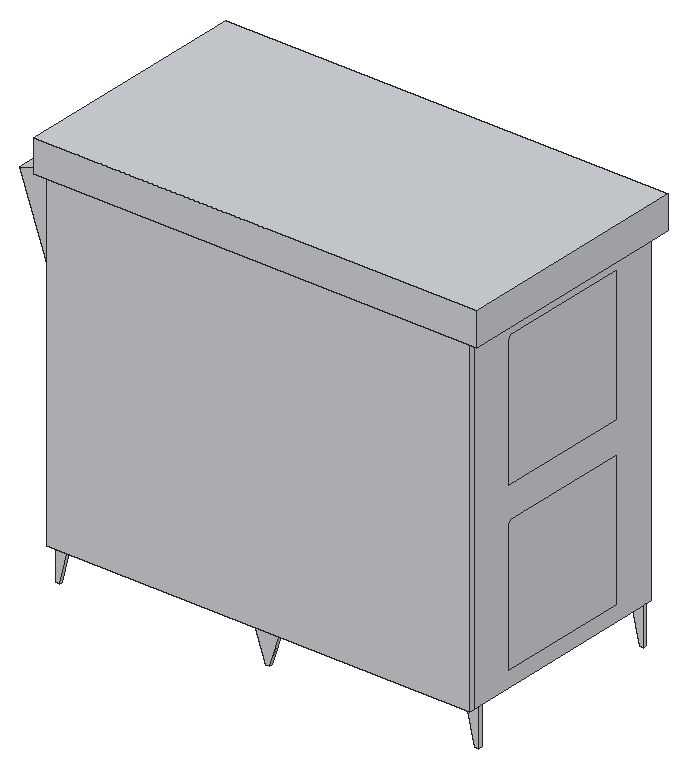
Revit family "AHU 5 _5", category Mechanické zařízení, Revit 2018
Family settings
  Kóta kulaté spojky = Použít průměr
  Typ dílu = Normální
  Číslo OmniClass = 23.75.00.00
  Nadpis OmniClass = Climate Control (HVAC)
  Založené na pracovní rovině = Ne
  Vždy vertikální = Ano
  Ořezat dutým tvarem při načtení = Ne
  Sdílené = Ne
  Bod výpočtu místnosti = Ne
Parameters (values of type "DUPLEXVENT 5000 Rotary-N")
  Width [instance] = 1.2 mm
  Weight [instance] = 590.00 kg
  URL = ""
  Type [instance] = "DUPLEXVENT 5000 Rotary-N"
  Total_SFP [instance] = 0
  Supply_outlet_hum [instance] = 90
  Supply_inlet_hum [instance] = 90
  Supply_ext_pressure [instance] = 0.0 Pa
  Supply_SFP [instance] = 0
  Source_adu_file [instance] = ""
  Recuperation_type [instance] = "Rotation regeneration exchanger"
  Recuperation_efficiency_EN308 [instance] = 0
  Project_name [instance] = ""
  Project_date [instance] = "10.8.2023"
  Power_supply_fusing [instance] = "0"
  Power_supply_cable [instance] = "0"
  Position [instance] = "AHU 5 "
  Phases_count [instance] = 3
  Panel_thickness [instance] = 0.06 mm
  Outer_surface [instance] = "RAL 9002"
  Length [instance] = 2.25 mm
  Insulation_type [instance] = "PUR"
  Insulation_thickness [instance] = 0.05 mm
  Installation_environment [instance] = ""
  Input_power_max [instance] = 5000 W
  Inner_surface [instance] = "Pozink"
  I2 [instance] = I1  # 0.0 L/s
  Height [instance] = 1.76 mm
  Exhaust_outlet_hum [instance] = 40
  Exhaust_inlet_hum [instance] = 40
  Exhaust_ext_pressure [instance] = 0.0 Pa
  Exhaust_SFP [instance] = 0
  E1 [instance] = E2 - M1  # 0.0 L/s
  E2 [instance] = 0.0 L/s
  I1 [instance] = 0.0 L/s
  Description = ""
  M1 [instance] = 0.0 L/s
  Device_dutypoint_version [instance] = "0"
  Device_design_version [instance] = "9"
  Device_adu_id [instance] = "5"
  Current_max [instance] = 7.6 A
  Casing_mat [instance] = "painted zinc layer"
  Cable type [instance] = "CYKY 5Jx2,5"
Reference planes
  plane 1 "Střed (vpředu/vzadu)": y = 0
  plane 2 "ref": z = 0
  plane 3 "Střed (vlevo/vpravo)": x = 0
Forms (mm)
  Sweep 1, solid
    path origin (0, 0, 0) x (0, 0, 1) y (1, 0, 0)
      loop
        line (0, 0) -> (1760, 0)
    profile origin (0, 0, 0) x (1, 0, 0) y (0, 1, 0)
      loop
        line (0, 0) -> (810, 0) -> (810, 1170) -> (0, 1170) -> (0, 0)
  Sweep 2, solid
    path origin (0, 0, 0) x (0, 0, 1) y (1, 0, 0)
      loop
        line (0, 0) -> (1760, 0)
    profile origin (0, 0, 0) x (1, 0, 0) y (0, 1, 0)
      loop
        line (810, 0) -> (1140, 0) -> (1140, 1170) -> (810, 1170) -> (810, 0)
  Sweep 3, solid
    path origin (0, 0, 0) x (0, 0, 1) y (1, 0, 0)
      loop
        line (0, 0) -> (1760, 0)
    profile origin (0, 0, 0) x (1, 0, 0) y (0, 1, 0)
      loop
        line (1140, 0) -> (2250, 0) -> (2250, 1170) -> (1140, 1170) -> (1140, 0)
  Sweep 4, solid
    path origin (0, 0, 1760) x (0, 0, 1) y (1, 0, 0)
      loop
        line (0, 0) -> (175, 0)
    profile origin (0, 0, 1760) x (1, 0, 0) y (0, 1, 0)
      loop
        line (-50, -50) -> (2300, -50) -> (2300, 1220) -> (-50, 1220) -> (-50, -50)
  Sweep 5, solid
    path origin (-175, 940, 1320) x (1, 0, 0) y (0, 1, 0)
      loop
        line (0, 0) -> (0, -710)
    profile origin (-175, 940, 1320) x (1, 0, 0) y (0, 0, 1)
      loop
        line (174, 355) -> (-175, 248) -> (35, -355) -> (175, -355) -> (174, 355)
  Sweep 6, solid
    path origin (0, 585, 1320) x (0, 1, 0) y (-1, 0, 0)
      loop
        line (0, 0) -> (0, 1)
    profile origin (0, 585, 1320) x (0, -1, 0) y (0, 0, 1)
      loop
        line (-355, -355) -> (355, -355) -> (355, 355) -> (-355, 355) -> (-355, -355)
  Sweep 7, solid
    path origin (2249, 585, 1320) x (1, 0, 0) y (0, 1, 0)
      loop
        line (0, 0) -> (1, 0)
    profile origin (2249, 585, 1320) x (0, 1, 0) y (0, 0, 1)
      loop
        line (-355, 355) -> (-355, -355) -> (355, -355) -> (355, 355) -> (-355, 355)
  Sweep 8, solid
    path origin (2249, 585, 440) x (1, 0, 0) y (0, 1, 0)
      loop
        line (0, 0) -> (1, 0)
    profile origin (2249, 585, 440) x (0, 1, 0) y (0, 0, 1)
      loop
        line (-355, 355) -> (-355, -355) -> (355, -355) -> (355, 355) -> (-355, 355)
  Sweep 9, solid
    path origin (1, 585, 440) x (0, 1, 0) y (-1, 0, 0)
      loop
        line (0, 0) -> (0, 1)
    profile origin (1, 585, 440) x (0, -1, 0) y (0, 0, 1)
      loop
        line (-355, -355) -> (355, -355) -> (355, 355) -> (-355, 355) -> (-355, -355)
  Sweep 10, solid
    path origin (0, 0, 0) x (0, 0, 1) y (1, 0, 0)
      loop
        line (0, 0) -> (1760, 0)
    profile origin (0, 0, 0) x (1, 0, 0) y (0, 1, 0)
      loop
        line (0, -30) -> (2250, -30) -> (2250, -5) -> (0, -5) -> (0, -30)
  Sweep 11, solid
    path origin (11, 45, 0) x (1, 0, 0) y (0, 1, 0)
      loop
        line (0, 0) -> (0, -15)
    profile origin (11, 45, 0) x (1, 0, 0) y (0, 0, 1)
      loop
        line (-11, 0) -> (-11, -200) -> (11, -200) -> (60, 0) -> (-11, 0)
  Sweep 12, solid
    path origin (1125, 45, 0) x (1, 0, 0) y (0, 1, 0)
      loop
        line (0, 0) -> (0, -15)
    profile origin (1125, 45, 0) x (1, 0, 0) y (0, 0, 1)
      loop
        line (-75, 0) -> (-11, -200) -> (11, -200) -> (75, 0) -> (-75, 0)
  Sweep 13, solid
    path origin (2239, 45, 0) x (1, 0, 0) y (0, 1, 0)
      loop
        line (0, 0) -> (0, -15)
    profile origin (2239, 45, 0) x (1, 0, 0) y (0, 0, 1)
      loop
        line (-60, 0) -> (-11, -200) -> (11, -200) -> (11, 0) -> (-60, 0)
  Sweep 14, solid
    path origin (11, 1140, 0) x (1, 0, 0) y (0, 1, 0)
      loop
        line (0, 0) -> (0, -15)
    profile origin (11, 1140, 0) x (1, 0, 0) y (0, 0, 1)
      loop
        line (-11, 0) -> (-11, -200) -> (11, -200) -> (60, 0) -> (-11, 0)
  Sweep 15, solid
    path origin (1125, 1140, 0) x (1, 0, 0) y (0, 1, 0)
      loop
        line (0, 0) -> (0, -15)
    profile origin (1125, 1140, 0) x (1, 0, 0) y (0, 0, 1)
      loop
        line (-75, 0) -> (-11, -200) -> (11, -200) -> (75, 0) -> (-75, 0)
  Sweep 16, solid
    path origin (2239, 1140, 0) x (1, 0, 0) y (0, 1, 0)
      loop
        line (0, 0) -> (0, -15)
    profile origin (2239, 1140, 0) x (1, 0, 0) y (0, 0, 1)
      loop
        line (-60, 0) -> (-11, -200) -> (11, -200) -> (11, 0) -> (-60, 0)
  Sweep 17, solid
    path origin (0, 0, 1120) x (0, 0, 1) y (1, 0, 0)
      loop
        line (0, 0) -> (405, 0)
    profile origin (0, 0, 1120) x (1, 0, 0) y (0, 1, 0)
      loop
        line (880, 1270) -> (880, 1170) -> (1185, 1170) -> (1185, 1270) -> (880, 1270)
  Sweep 18, solid
    path origin (1032, 1220, 1525) x (0, -1, 0) y (0, 0, 1)
      loop
        line (0, 0) -> (0, 1)
    profile origin (1032, 1220, 1525) x (0, 1, 0) y (-1, 0, 0)
      loop
        circle (0, 0) r 10
Lines and regions (mm)
  model lines, style "Symbol"
    curve 1: line (1290, 1170, 1315) -> (1290, 1170, 1715)
    curve 2: line (1290, 1170, 1715) -> (1290, 1300, 1685)
    curve 3: line (1290, 1300, 1685) -> (1290, 1300, 1315)
    curve 4: line (1290, 1300, 1315) -> (1290, 1170, 1315)
    curve 5: line (740, 1170, 1315) -> (740, 1170, 1715)
    curve 6: line (740, 1170, 1715) -> (740, 1300, 1685)
    curve 7: line (740, 1300, 1685) -> (740, 1300, 1315)
    curve 8: line (740, 1300, 1315) -> (740, 1170, 1315)
    curve 9: line (1290, 1170, 1715) -> (740, 1170, 1715)
    curve 10: line (740, 1170, 1715) -> (740, 1300, 1685)
    curve 11: line (740, 1300, 1685) -> (1290, 1300, 1685)
    curve 12: line (1290, 1300, 1685) -> (1290, 1170, 1715)
    curve 13: line (1290, 1300, 1315) -> (1290, 1300, 1685)
    curve 14: line (1290, 1300, 1685) -> (740, 1300, 1685)
    curve 15: line (740, 1300, 1685) -> (740, 1300, 1315)
    curve 16: line (740, 1300, 1315) -> (1290, 1300, 1315)
    curve 17: line (975, -30, 0) -> (975, -30, 352)
    curve 18: line (975, -30, 1760) -> (975, -30, 1408)
    curve 19: line (810, -30, 880) -> (1140, -30, 880)
    curve 20: line (0, -30, 880) -> (810, -30, 880)
    curve 21: line (2250, -30, 880) -> (1140, -30, 880)
    curve 22: line (843, -30, 88) -> (843, -30, 1672)
    curve 23: line (843, -30, 1672) -> (1107, -30, 1672)
    curve 24: line (1107, -30, 1672) -> (1107, -30, 88)
    curve 25: line (1107, -30, 88) -> (843, -30, 88)
    curve 26: line (843, -30, 880) -> (1107, -30, 880)
    curve 27: line (1077, -30, 716) -> (1066, -30, 563)
    curve 28: line (1066, -30, 563) -> (1050, -30, 432)
    curve 29: line (1050, -30, 432) -> (1028, -30, 331)
    curve 30: line (1028, -30, 331) -> (1002, -30, 268)
    curve 31: line (1002, -30, 268) -> (975, -30, 246)
    curve 32: line (975, -30, 246) -> (948, -30, 268)
    curve 33: line (948, -30, 268) -> (922, -30, 331)
    curve 34: line (922, -30, 331) -> (900, -30, 432)
    curve 35: line (900, -30, 432) -> (884, -30, 563)
    curve 36: line (884, -30, 563) -> (873, -30, 716)
    curve 37: line (873, -30, 716) -> (869, -30, 880)
    curve 38: line (869, -30, 880) -> (873, -30, 1044)
    curve 39: line (873, -30, 1044) -> (884, -30, 1197)
    curve 40: line (884, -30, 1197) -> (900, -30, 1328)
    curve 41: line (900, -30, 1328) -> (922, -30, 1429)
    curve 42: line (922, -30, 1429) -> (948, -30, 1492)
    curve 43: line (948, -30, 1492) -> (975, -30, 1514)
    curve 44: line (975, -30, 1514) -> (1002, -30, 1492)
    curve 45: line (1002, -30, 1492) -> (1028, -30, 1429)
    curve 46: line (1028, -30, 1429) -> (1050, -30, 1328)
    curve 47: line (1050, -30, 1328) -> (1066, -30, 1197)
    curve 48: line (1066, -30, 1197) -> (1077, -30, 1044)
    curve 49: line (1077, -30, 1044) -> (1040, -30, 1218)
    curve 50: line (1077, -30, 1044) -> (1082, -30, 1234)
    curve 51: line (1863, -30, 1445) -> (2144, -30, 1397)
    curve 52: line (1863, -30, 1195) -> (2144, -30, 1243)
    curve 53: line (387, -30, 315) -> (106, -30, 363)
    curve 54: line (387, -30, 565) -> (106, -30, 517)
    curve 55: line (270, -30, 1056) -> (270, -30, 1584)
    curve 56: line (270, -30, 1584) -> (405, -30, 1584)
    curve 57: line (405, -30, 1584) -> (405, -30, 1056)
    curve 58: line (405, -30, 1056) -> (270, -30, 1056)
    curve 59: line (338, -30, 1056) -> (405, -30, 1320)
    curve 60: line (338, -30, 1584) -> (405, -30, 1320)
    curve 61: line (1980, -30, 704) -> (1980, -30, 176)
    curve 62: line (1980, -30, 176) -> (1845, -30, 176)
    curve 63: line (1845, -30, 176) -> (1845, -30, 704)
    curve 64: line (1845, -30, 704) -> (1980, -30, 704)
    curve 65: line (1913, -30, 704) -> (1845, -30, 440)
    curve 66: line (1913, -30, 176) -> (1845, -30, 440)
    curve 67: line (0, -1200, 0) -> (0, 0, 0)
    curve 68: line (2250, -1200, 0) -> (2250, 0, 0)
    curve 69: line (0, -1200, 0) -> (2250, -1200, 0)
    curve 70: line (0, -1200, 1760) -> (0, 0, 1760)
    curve 71: line (2250, -1200, 1760) -> (2250, 0, 1760)
    curve 72: line (0, -1200, 1760) -> (2250, -1200, 1760)
    curve 73: line (0, -1200, 0) -> (0, -1200, 1760)
    curve 74: line (2250, -1200, 0) -> (2250, -1200, 1760)
    curve 75: line (0, -1200, 1560) -> (200, -1200, 1760)
    curve 76: line (0, -1200, 1360) -> (400, -1200, 1760)
    curve 77: line (0, -1200, 1160) -> (600, -1200, 1760)
    curve 78: line (0, -1200, 960) -> (800, -1200, 1760)
    curve 79: line (0, -1200, 760) -> (1000, -1200, 1760)
    curve 80: line (0, -1200, 560) -> (1200, -1200, 1760)
    curve 81: line (0, -1200, 360) -> (1400, -1200, 1760)
    curve 82: line (0, -1200, 160) -> (1600, -1200, 1760)
    curve 83: line (40, -1200, 0) -> (1800, -1200, 1760)
    curve 84: line (240, -1200, 0) -> (2000, -1200, 1760)
    curve 85: line (440, -1200, 0) -> (2200, -1200, 1760)
    curve 86: line (640, -1200, 0) -> (2250, -1200, 1610)
    curve 87: line (840, -1200, 0) -> (2250, -1200, 1410)
    curve 88: line (1040, -1200, 0) -> (2250, -1200, 1210)
    curve 89: line (1240, -1200, 0) -> (2250, -1200, 1010)
    curve 90: line (1440, -1200, 0) -> (2250, -1200, 810)
    curve 91: line (1640, -1200, 0) -> (2250, -1200, 610)
    curve 92: line (1840, -1200, 0) -> (2250, -1200, 410)
    curve 93: line (2040, -1200, 0) -> (2250, -1200, 210)
    curve 94: line (2240, -1200, 0) -> (2250, -1200, 10)
    curve 95: line (2250, -1200, 1560) -> (2250, -1000, 1760)
    curve 96: line (2250, -1200, 1360) -> (2250, -800, 1760)
    curve 97: line (2250, -1200, 1160) -> (2250, -600, 1760)
    curve 98: line (2250, -1200, 960) -> (2250, -400, 1760)
    curve 99: line (2250, -1200, 760) -> (2250, -200, 1760)
    curve 100: line (2250, -1200, 560) -> (2250, 0, 1760)
    curve 101: line (2250, -1200, 360) -> (2250, 0, 1560)
    curve 102: line (2250, -1200, 160) -> (2250, 0, 1360)
    curve 103: line (2250, -1160, 0) -> (2250, 0, 1160)
    curve 104: line (2250, -960, 0) -> (2250, 0, 960)
    curve 105: line (2250, -760, 0) -> (2250, 0, 760)
    curve 106: line (2250, -560, 0) -> (2250, 0, 560)
    curve 107: line (2250, -360, 0) -> (2250, 0, 360)
    curve 108: line (2250, -160, 0) -> (2250, 0, 160)
    curve 109: line (0, -1000, 1760) -> (200, -1200, 1760)
    curve 110: line (0, -800, 1760) -> (400, -1200, 1760)
    curve 111: line (0, -600, 1760) -> (600, -1200, 1760)
    curve 112: line (0, -400, 1760) -> (800, -1200, 1760)
    curve 113: line (0, -200, 1760) -> (1000, -1200, 1760)
    curve 114: line (0, 0, 1760) -> (1200, -1200, 1760)
    curve 115: line (200, 0, 1760) -> (1400, -1200, 1760)
    curve 116: line (400, 0, 1760) -> (1600, -1200, 1760)
    curve 117: line (600, 0, 1760) -> (1800, -1200, 1760)
    curve 118: line (800, 0, 1760) -> (2000, -1200, 1760)
    curve 119: line (1000, 0, 1760) -> (2200, -1200, 1760)
    curve 120: line (1200, 0, 1760) -> (2250, -1050, 1760)
    curve 121: line (1400, 0, 1760) -> (2250, -850, 1760)
    curve 122: line (1600, 0, 1760) -> (2250, -650, 1760)
    curve 123: line (1800, 0, 1760) -> (2250, -450, 1760)
    curve 124: line (2000, 0, 1760) -> (2250, -250, 1760)
    curve 125: line (2200, 0, 1760) -> (2250, -50, 1760)
    curve 126: line (2250, 1910, 0) -> (2250, 1170, 0)
    curve 127: line (0, 1910, 0) -> (0, 1170, 0)
    curve 128: line (2250, 1910, 0) -> (0, 1910, 0)
    curve 129: line (2250, 1910, 1760) -> (2250, 1170, 1760)
    curve 130: line (0, 1910, 1760) -> (0, 1170, 1760)
    curve 131: line (2250, 1910, 1760) -> (0, 1910, 1760)
    curve 132: line (2250, 1910, 0) -> (2250, 1910, 1760)
    curve 133: line (0, 1910, 0) -> (0, 1910, 1760)
    curve 134: line (2250, 1910, 1560) -> (2050, 1910, 1760)
    curve 135: line (2250, 1910, 1360) -> (1850, 1910, 1760)
    curve 136: line (2250, 1910, 1160) -> (1650, 1910, 1760)
    curve 137: line (2250, 1910, 960) -> (1450, 1910, 1760)
    curve 138: line (2250, 1910, 760) -> (1250, 1910, 1760)
    curve 139: line (2250, 1910, 560) -> (1050, 1910, 1760)
    curve 140: line (2250, 1910, 360) -> (850, 1910, 1760)
    curve 141: line (2250, 1910, 160) -> (650, 1910, 1760)
    curve 142: line (2210, 1910, 0) -> (450, 1910, 1760)
    curve 143: line (2010, 1910, 0) -> (250, 1910, 1760)
    curve 144: line (1810, 1910, 0) -> (50, 1910, 1760)
    curve 145: line (1610, 1910, 0) -> (0, 1910, 1610)
    curve 146: line (1410, 1910, 0) -> (0, 1910, 1410)
    curve 147: line (1210, 1910, 0) -> (0, 1910, 1210)
    curve 148: line (1010, 1910, 0) -> (0, 1910, 1010)
    curve 149: line (810, 1910, 0) -> (0, 1910, 810)
    curve 150: line (610, 1910, 0) -> (0, 1910, 610)
    curve 151: line (410, 1910, 0) -> (0, 1910, 410)
    curve 152: line (210, 1910, 0) -> (0, 1910, 210)
    curve 153: line (10, 1910, 0) -> (0, 1910, 10)
    curve 154: line (0, 1910, 1560) -> (0, 1710, 1760)
    curve 155: line (0, 1910, 1360) -> (0, 1510, 1760)
    curve 156: line (0, 1910, 1160) -> (0, 1310, 1760)
    curve 157: line (0, 1910, 960) -> (0, 1170, 1700)
    curve 158: line (0, 1910, 760) -> (0, 1170, 1500)
    curve 159: line (0, 1910, 560) -> (0, 1170, 1300)
    curve 160: line (0, 1910, 360) -> (0, 1170, 1100)
    curve 161: line (0, 1910, 160) -> (0, 1170, 900)
    curve 162: line (0, 1870, 0) -> (0, 1170, 700)
    curve 163: line (0, 1670, 0) -> (0, 1170, 500)
    curve 164: line (0, 1470, 0) -> (0, 1170, 300)
    curve 165: line (0, 1270, 0) -> (0, 1170, 100)
    curve 166: line (2250, 1710, 1760) -> (2050, 1910, 1760)
    curve 167: line (2250, 1510, 1760) -> (1850, 1910, 1760)
    curve 168: line (2250, 1310, 1760) -> (1650, 1910, 1760)
    curve 169: line (2190, 1170, 1760) -> (1450, 1910, 1760)
    curve 170: line (1990, 1170, 1760) -> (1250, 1910, 1760)
    curve 171: line (1790, 1170, 1760) -> (1050, 1910, 1760)
    curve 172: line (1590, 1170, 1760) -> (850, 1910, 1760)
    curve 173: line (1390, 1170, 1760) -> (650, 1910, 1760)
    curve 174: line (1190, 1170, 1760) -> (450, 1910, 1760)
    curve 175: line (990, 1170, 1760) -> (250, 1910, 1760)
    curve 176: line (790, 1170, 1760) -> (50, 1910, 1760)
    curve 177: line (590, 1170, 1760) -> (0, 1760, 1760)
    curve 178: line (390, 1170, 1760) -> (0, 1560, 1760)
    curve 179: line (190, 1170, 1760) -> (0, 1360, 1760)
    curve 180: line (0, -30, 0) -> (0, -30, 1760)
    curve 181: line (0, -30, 1760) -> (1123, -30, 1760)
    curve 182: line (1123, -30, 1760) -> (1123, -30, 0)
    curve 183: line (1123, -30, 0) -> (0, -30, 0)
    curve 184: line (1127, -30, 0) -> (1127, -30, 1760)
    curve 185: line (1127, -30, 1760) -> (2250, -30, 1760)
    curve 186: line (2250, -30, 1760) -> (2250, -30, 0)
    curve 187: line (2250, -30, 0) -> (1127, -30, 0)
    curve 188: line (0, -30, 0) -> (2250, -30, 0)
    curve 189: line (0, -30, 1760) -> (2250, -30, 1760)
    curve 190: line (0, -30, 0) -> (0, -30, 1760)
    curve 191: line (2250, -30, 0) -> (2250, -30, 1760)
    curve 192: line (0, -30, 0) -> (0, -5, 0)
    curve 193: line (2250, -30, 0) -> (2250, -5, 0)
    curve 194: line (0, -30, 1760) -> (0, -5, 1760)
    curve 195: line (2250, -30, 1760) -> (2250, -5, 1760)
    curve 196: circle (1986, -30, 1320) r 176 normal (0, -1, 0)
    curve 197: circle (264, -30, 440) r 176 normal (0, -1, 0)
Dimensions and locks
  aligned and locked: level to plane 2 "ref"
Connectors
  hvac at (-1, 585, 1320), driven by "E1"
    settings: on Sweep 6, index 1, duct flow 0.0 L/s, flow factor 0, pres drop 0.0 Pa, loss coef 0, conn angle 0.00°, conn width 10 mm, conn height 10 mm, conn diameter 609.6 mm, duct sys type 1, conn prof type 1, flow config 1, flow direction 1, loss method 0, conn ref index -1, conn util no, is conn primary yes, conn desc ""
  hvac at (2250, 585, 1320), driven by "E2"
    settings: on Sweep 7, index 2, duct flow 0.0 L/s, flow factor 1, pres drop 0.0 Pa, loss coef 0, conn angle 0.00°, conn width 710 mm, conn height 710 mm, conn diameter 609.6 mm, duct sys type 1, conn prof type 1, flow config 2, flow direction 2, loss method 0, conn ref index -1, conn util no, is conn primary no, conn desc ""
  hvac at (2250, 585, 440), driven by "I1"
    settings: on Sweep 8, index 3, duct flow 0.0 L/s, flow factor 1, pres drop 0.0 Pa, loss coef 0, conn angle 0.00°, conn width 710 mm, conn height 710 mm, conn diameter 609.6 mm, duct sys type 3, conn prof type 1, flow config 2, flow direction 1, loss method 0, conn ref index -1, conn util no, is conn primary no, conn desc ""
  hvac at (0, 585, 440), driven by "I2"
    settings: on Sweep 9, index 4, duct flow 0.0 L/s, flow factor 0, pres drop 0.0 Pa, loss coef 0, conn angle 0.00°, conn width 710 mm, conn height 710 mm, conn diameter 609.6 mm, duct sys type 3, conn prof type 1, flow config 1, flow direction 2, loss method 0, conn ref index -1, conn util no, is conn primary no, conn desc ""
  electrical at (1032, 1220, 1526)
    settings: on Sweep 18, index 5, voltage 400 V, apparent load 0 VA, apparent load phase1 0 VA, apparent load phase2 0 VA, apparent load phase3 0 VA, power factor 1, load classification "Další", number of poles 3, system type 31, power factor state 1, is connector primary yes, connector utility no, sub classification motor no, connector description ""
